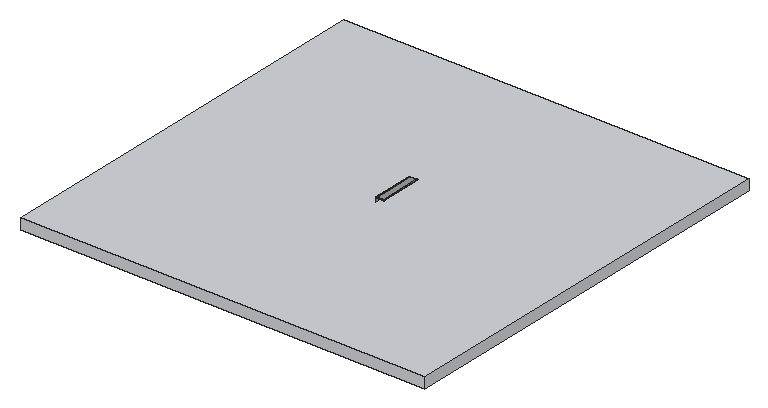
Revit family "STV5028", category Generic Models, host Face, Revit 2020
Family settings
  Host = Face
  Can host rebar = No
  Round Connector Dimension = Use Diameter
  Part Type = Normal
  Cut with Voids When Loaded = No
  Shared = No
  Room Calculation Point = No
Parameters
  Default Elevation = 1219.2 mm
Reference planes
  plane 1 "Center (Front/Back)": y = 0
  plane 2: z = -304.512
  plane 3 "Center (Left/Right)": x = 0
Forms (mm)
  Extrusion 1, solid
    sketch origin (0, 0, 0) x (1, 0, 0) y (0, 1, 0)
      loop
        line (-1219.2, 1219.2) -> (-1219.2, -1219.2) -> (1219.2, -1219.2) -> (1219.2, 1219.2) -> (-1219.2, 1219.2)
    from -304.512 to -241.302
  Extrusion 2, solid, material "Default New Material(1)"
    sketch origin (627.429, -20.284, -492.313) x (1, 0, 0) y (0, 0, 1)
      loop
        arc (-411.959, 434.198) -> (-411.468, 434.568) -> (-411.708, 435.134) r 0.499
        line (-411.708, 435.134) -> (-416.127, 437.389) -> (-416.127, 435.864) -> (-458.4, 435.864) -> (-458.4, 437.389)
        arc (-458.4, 437.389) -> (-460.765, 436.377) -> (-461.74, 433.997) r 3.393
        line (-461.74, 433.997) -> (-461.74, 410.398) -> (-459.799, 410.398) -> (-459.799, 432.939)
        arc (-459.799, 432.939) -> (-459.431, 433.829) -> (-458.54, 434.198) r 1.259
        line (-458.54, 434.198) -> (-411.959, 434.198)
    from 0 to 250
  Extrusion 3, solid, material "Default New Material"
    sketch origin (627.429, -20.284, -492.313) x (1, 0, 0) y (0, 0, 1)
      loop
        line (-458.4, 438.398) -> (-458.4, 435.864) -> (-416.127, 435.864) -> (-416.127, 438.398) -> (-458.4, 438.398)
    from 0 to 250
Dimensions and locks
  Extrusion 2 sketch curve to Extrusion 2 sketch curve = 50.289 mm
  Extrusion 3 to Extrusion 2 sketch curve = 28 mm
  Extrusion 2 to Extrusion 3 = 28 mm
  Extrusion 2 to Extrusion 2 = 50.289 mm
  aligned and locked: plane 2 to Extrusion 1
